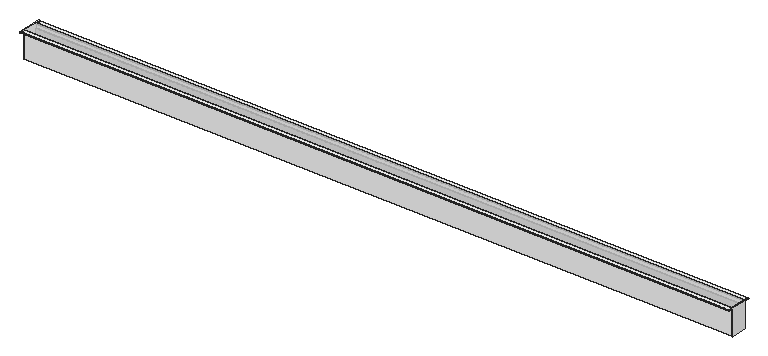
Revit family "2093130 Sylvania Lighting Fixture MC2 TRIM 2-4M 4K DALIEM WHT OPAL", category Lighting Fixtures, host Face, Revit 2016
Family settings
  Host = Face
  Part Type = Normal
  Round Connector Dimension = Use Diameter
  OmniClass Number = 23.80.70.11.17
  OmniClass Title = Specialized Lighting by Location or Use
  Cut with Voids When Loaded = No
  Light Source = Yes
  Shared = No
  Room Calculation Point = No
Parameters (values of type "2093130 MC2 TRIM 2.4M 4K DALIEM WHT OPAL Emergency mode")
  Width_SYL = 54.0 mm
  Weight = "5.9 kg"
  Wattage = 45 W
  WarrantyStartDate [instance] = "n/a"
  WarrantyGuarantorParts = "n/a"
  WarrantyDurationUnit = "n/a"
  WarrantyDurationParts = "n/a"
  WarrantyDescription = "n/a"
  built-in parameter 1150110 = 1 (stored number, unit not read)
  Voltage = 0 V
  URL = "http://www.sylvania-lighting.com"
  TypeName = "MC2 TRIM 2.4M 4K DALIEM WHT OPAL Emergency mode"
  built-in parameter 1114217 = 1 (stored number, unit not read)
  Tilt Angle = -90.00°
  built-in parameter 1150109 = 1 (stored number, unit not read)
  built-in parameter 1150134 = 12
  built-in parameter 1150113 = 1 (stored number, unit not read)
  SerialNumber [instance] = "n/a"
  PowerFactor = 0.98
  PowerConsumption = "45 W"
  NominalWidth = 0.0 mm
  NominalLength = 2400.0 mm
  NominalHeight = 86.0 mm
  Name = "MC2 TRIM 2.4M 4K DALIEM WHT OPAL Emergency mode"
  ModelReference = "MC2 TRIM 2.4M 4K DALIEM WHT OPAL"
  ModelNumber = "2093130"
  Material_3_SYL = Metal_Sylvania_Mini Contiuum II_Silver
  Photometric Web File = "2093130EM.ies"
  Material = "aluminium housing, polycarbonate diffuser"
  ManufacturerName = "Feilo Sylvania"
  LuminousEfficacy = "2.688 lm/W"
  LuminaireType = ""
  LightOutputRatio = "100"
  Length_SYL = 2400.0 mm
  LampsType = Lamp  # "LED"
  LampNominalLuminous = "121 lm"
  LampMacAdamStep = "3"
  LampColourTemperature = "4000 K"
  LampColourRenderingIndex = "80"
  Keynote = "16500"
  InstallationDate [instance] = "n/a"
  InputVoltage = "n/a"
  InputNominalFrequency = "n/a"
  IngressProtection = "IP20"
  ImpactProtectionIndex = "n/a"
  IfcExportType = "IfcLightFixtureType"
  IfcExportAs = "IfcLightFixtureType"
  Height_SYL = 86.0 mm
  ExpectedLife = 50000
  EndCapRight_SYL [instance] = yes
  EndCapLeft_SYL [instance] = yes
  Emit from Rectangle Width = Width_SYL - 2.0 mm  # 52.0 mm
  Emit from Rectangle Length = Length_SYL  # 2400.0 mm
  Emit Shape Visible in Rendering = no
  ElectricShockClassification = "Class I"
  DurationUnit = "hours"
  DocumentationLiterature = "http://www.sylvania-lighting.com/product/en-int/products/2093130"
  DimmingControlOptions = "n/a"
  CreatedOn = "10/15/2018"
  CreatedBy = "@sylvania-lighting.com"
  built-in parameter 1114216 [instance] = 1 (stored number, unit not read)
  Model = "MC2 TRIM 2.4M 4K DALIEM WHT OPAL"
  Manufacturer = "Feilo Sylvania"  # constant formula
  built-in parameter 1150105 = 9.6289 (stored number, unit not read)
  Lumens = 121 lm
  built-in parameter 1150115 = 1 (stored number, unit not read)
  built-in parameter 1150137 = (empty or 0)
  built-in parameter 1150139 = (empty or 0)
  built-in parameter 1150112 = 1 (stored number, unit not read)
  built-in parameter 1150114 = 1 (stored number, unit not read)
  Lamp = "LED"
  built-in parameter 1150132 = 2
  built-in parameter 1150102 = (empty or 0)
  built-in parameter 1150107 = 4000 (stored number, unit not read)
  built-in parameter 1150138 = (empty or 0)
  built-in parameter 1150106 = 0.096289 (stored number, unit not read)
  Material_1_SYL = Metal_Sylvania_Mini Continuum II_White
  built-in parameter 1150104 = 0.24981 (stored number, unit not read)
  Dimming Lamp Color Temperature Shift = <None>
  Material_2_SYL = Polycarbonate_Sylvania_Mini Continuum II_Opal_4000K
  Description = "Mini Continuum II introduces a uniquely clean, simple LED lighting system offering continuous, highly uniform lines of light across walls and ceilings. This highly versatile lighting tool can be recessed, semi-recessed, surface-mounted or suspended, either vertically or horizontally. Available as direct/indirect or direct only distribution - both of which can be interconnected. Every batten has a plug and socket arrangement for easy and rapid electrical installation. Mini Continuum II Direct is available in two versions: one with an outside trim detail for plasterboard ceilings; and a trimless version for when a seamless effect is required. Dimmable DALI versions and 3hr non-maintained integral emergency options are available as standard options"  # constant formula
  Default Elevation = 0.0 mm
  Color Filter = 16777215
  built-in parameter 1140040 [instance] = 1
  BarCode [instance] = "n/a"
  built-in parameter 1114218 = 1 (stored number, unit not read)
  built-in parameter 1150133 = 10 (stored number, unit not read)
  AssetType = "Fixed"
  AssetIdentifier [instance] = "n/a"
  Assembly Code = "D5020200"
  Apparent Load = 45 VA
Types (2, lengths in mm): name | TypeName | Name | Photometric Web File | LuminousEfficacy | LampNominalLuminous | built-in parameter 1150105 | Lumens | built-in parameter 1150106 | built-in parameter 1150104
  2093130 MC2 TRIM 2.4M 4K DALIEM WHT OPAL Emergency mode | "MC2 TRIM 2.4M 4K DALIEM WHT OPAL Emergency mode" | "MC2 TRIM 2.4M 4K DALIEM WHT OPAL Emergency mode" | "2093130EM.ies" | "2.688 lm/W" | "121 lm" | 9.6289 (stored number, unit not read) | 121 lm | 0.096289 (stored number, unit not read) | 0.24981 (stored number, unit not read)
  2093130 MC2 TRIM 2.4M 4K DALIEM WHT OPAL | "MC2 TRIM 2.4M 4K DALIEM WHT OPAL" | "MC2 TRIM 2.4M 4K DALIEM WHT OPAL" | "2093130.ies" | "104 lm/W" | "4680 lm" | 372.42 (stored number, unit not read) | 4680 lm | 3.7242 (stored number, unit not read) | 9.6619 (stored number, unit not read)
Reference planes
  plane 1 "Center (Front/Back)": y = 0
  plane 2 "Bottom Fixtures": z = 0
  plane 3 "Center (Left/Right)": x = 0
  plane 4 "Fixture Left": x = -1200
  plane 5 "Fixture Right": x = 1200
  plane 6 "Fixture Bottom": z = 2
  plane 7: z = 0
  plane 8: z = -2
  plane 9: z = -11.049
  plane 10: z = -41.049
  plane 11 "Fixture Top": z = -84
  plane 12: y = 27
  plane 13: y = -27
  plane 14: y = -26
  plane 15: y = -25
  plane 16: y = 26
  plane 17: y = 25
  plane 18: y = 11
  plane 19: y = -11
  plane 20: y = 24
  plane 21: y = 22
  plane 22: y = -22
  plane 23: y = 15
  plane 24: y = -15
  plane 25: y = 40
  plane 26: y = -40
  plane 27: x = -1202
  plane 28: x = 1202
Forms (mm)
  Extrusion 1, solid, material "Metal_Sylvania_Mini Continuum II_White" <- "Material_1_SYL", detail levels fine
    sketch origin (0, 0, -84) x (0, 1, 0) y (0, 0, 1)
      loop
        line (27, 84) -> (40, 84) -> (40, 86) -> (26, 86) -> (26, 84) -> (25, 84) -> (25, 2) -> (13, 2) -> (13, 4) -> (-13, 4) -> (-13, 2) -> (-25, 2) -> (-25, 84) -> (-26, 84) -> (-26, 86) -> (-40, 86) -> (-40, 84) -> (-27, 84) -> (-27, 0) -> (-11, 0) -> (-11, 2) -> (11, 2) -> (11, 0) -> (27, 0) -> (27, 84)
    from -1200 to 1200
  Extrusion 2, solid, material "Polycarbonate_Sylvania_Mini Continuum II_Opal_4000K" <- "Material_2_SYL", detail levels fine
    sketch origin (0, 0, -84) x (0, 1, 0) y (0, 0, 1)
      loop
        line (-26, 86) -> (-26, 84) -> (26, 84) -> (26, 86) -> (-26, 86)
    from -1200 to 1200
  Extrusion 3, solid, material "Metal_Sylvania_Mini Contiuum II_Silver" <- "Material_3_SYL", detail levels fine
    sketch origin (0, 0, -84) x (0, 1, 0) y (0, 0, 1)
      loop
        line (22, 72.951) -> (20.973, 72.951) -> (14.206, 43.951) -> (-14.206, 43.951) -> (-20.973, 72.951) -> (-22, 72.951) -> (-15, 42.951) -> (15, 42.951) -> (22, 72.951)
    from -1200 to 1200
  Extrusion 4, solid, material "Metal_Sylvania_Mini Continuum II_White" <- "Material_1_SYL", detail levels coarse+medium
    sketch origin (0, 0, -84) x (0, 1, 0) y (0, 0, 1)
      loop
        line (-27, 86) -> (-27, 0) -> (27, 0) -> (27, 86) -> (-27, 86)
    from -1200 to 1200
  Extrusion 5, solid, material "Metal_Sylvania_Mini Continuum II_White" <- "Material_1_SYL", detail levels coarse+medium
    sketch origin (0, 0, -84) x (0, 1, 0) y (0, 0, 1)
      loop
        line (40, 86) -> (27, 86) -> (27, 84) -> (40, 84) -> (40, 86)
      loop
        line (-27, 86) -> (-40, 86) -> (-40, 84) -> (-27, 84) -> (-27, 86)
    from -1200 to 1200
  Extrusion 6, void
    sketch origin (0, 0, 0) x (0, 1, 0) y (0, 0, 1)
      loop
        line (27, 0) -> (-27, 0) -> (-27, -84) -> (27, -84) -> (27, 0)
    from -1200 to 1200
  Extrusion 7, solid, material "Metal_Sylvania_Mini Continuum II_White" <- "Material_1_SYL", visible <- "EndCapLeft_SYL"
    sketch origin (-1200, 171.684, 1219.2) x (0, 1, 0) y (0, 0, 1)
      loop
        line (-198.684, -1219.2) -> (-198.684, -1303.2) -> (-144.684, -1303.2) -> (-144.684, -1219.2) -> (-131.684, -1219.2) -> (-131.684, -1217.2) -> (-211.684, -1217.2) -> (-211.684, -1219.2) -> (-198.684, -1219.2)
    from 0 to -2
  Extrusion 8, solid, material "Metal_Sylvania_Mini Continuum II_White" <- "Material_1_SYL", visible <- "EndCapRight_SYL"
    sketch origin (1200, 171.684, 1219.2) x (0, 1, 0) y (0, 0, -1)
      loop
        line (-131.684, 1217.2) -> (-131.684, 1219.2) -> (-144.684, 1219.2) -> (-144.684, 1303.2) -> (-198.684, 1303.2) -> (-198.684, 1219.2) -> (-211.684, 1219.2) -> (-211.684, 1217.2) -> (-131.684, 1217.2)
    from 0 to -2
Lines and regions (mm)
  Masking region 1
    outline origin (0, 0, -86) x (-1, 0, 0) y (0, -1, 0)
      loop
        line (1200, -40) -> (1200, 40) -> (-1200, 40) -> (-1200, -40) -> (1200, -40)
  symbolic lines, detail levels fine
    curve 1: line (-1200, 27, -86) -> (1200, 27, -86)
    curve 2: line (-1200, -27, -86) -> (1200, -27, -86)
Dimensions and locks
  host sketch curve to plane 3 "Center (Left/Right)" to host sketch curve = 1260.0 mm, 1259.41 mm
  equal spacing: plane 4 "Fixture Left", plane 3 "Center (Left/Right)", plane 5 "Fixture Right"
  "Length_SYL": plane 4 "Fixture Left" to plane 5 "Fixture Right"
  plane 6 "Fixture Bottom" to plane 7 to plane 8 to plane 9 to plane 10 = 2.0 mm locked, 2.0 mm locked, 9.049 mm locked, 30.0 mm locked
  locked: Extrusion 1 sketch curve to Extrusion 1 sketch curve at 2
  "Height_SYL": plane 6 "Fixture Bottom" to plane 11 "Fixture Top"
  equal spacing: plane 12, plane 1 "Center (Front/Back)", plane 13
  plane 19 to plane 24 to plane 22 to plane 15 to plane 14 to plane 13 to plane 26 = 4.0 mm locked, 7.0 mm locked, 3.0 mm locked, 1.0 mm locked, 1.0 mm locked, 13.0 mm locked
  plane 25 to plane 12 to plane 16 to plane 17 to plane 20 to plane 21 to plane 23 to plane 18 = 13.0 mm locked, 1.0 mm locked, 1.0 mm locked, 1.0 mm locked, 2.0 mm locked, 7.0 mm locked, 4.0 mm locked
  "Width_SYL": plane 12 to plane 13
  equal spacing: plane 27, plane 3 "Center (Left/Right)", plane 28
  locked: plane 27 to plane 4 "Fixture Left" at 2
  aligned and locked: plane 2 "Bottom Fixtures" to host face
  aligned and locked: level to host face
  aligned and locked: Extrusion 1 sketch curve to plane 7  (x2)
  aligned and locked: plane 6 "Fixture Bottom" to Extrusion 1 sketch curve  (x2)
  aligned and locked: plane 7 to Extrusion 1 sketch curve
  aligned and locked: Extrusion 1 to Extrusion 2 sketch curve
  aligned and locked: Extrusion 2 sketch curve to Extrusion 1  (x3)
  aligned and locked: Extrusion 3 sketch curve to plane 10
  aligned and locked: plane 9 to Extrusion 3 sketch curve
  aligned and locked: Extrusion 3 sketch curve to plane 9
  aligned and locked: Extrusion 4 sketch curve to plane 6 "Fixture Bottom"
  aligned and locked: Extrusion 5 sketch curve to Extrusion 1  (x6)
  aligned and locked: Extrusion 4 to Extrusion 5 sketch curve
  aligned and locked: Extrusion 5 sketch curve to Extrusion 4
  aligned and locked: Extrusion 1 to Extrusion 6 sketch curve
  aligned and locked: Extrusion 6 sketch curve to Extrusion 1
  aligned and locked: Extrusion 6 sketch curve to plane 11 "Fixture Top"
  aligned and locked: Extrusion 6 sketch curve to plane 13
  aligned and locked: Extrusion 6 to plane 5 "Fixture Right"
  aligned and locked: plane 6 "Fixture Bottom" to imposter light
  aligned and locked: Masking region 1 sketch curve to Extrusion 1  (x4)
  aligned and locked: plane 5 "Fixture Right" to curve 1
  aligned and locked: plane 4 "Fixture Left" to curve 1
  aligned and locked: plane 12 to curve 1
  aligned and locked: plane 4 "Fixture Left" to curve 2
  aligned and locked: plane 5 "Fixture Right" to curve 2
  aligned and locked: curve 2 to plane 13
  aligned and locked: Extrusion 4 to plane 5 "Fixture Right"
  aligned and locked: Extrusion 1 to plane 5 "Fixture Right"
  aligned and locked: Extrusion 3 to plane 5 "Fixture Right"
  aligned and locked: Extrusion 4 to plane 4 "Fixture Left"
  aligned and locked: Extrusion 1 to plane 4 "Fixture Left"
  aligned and locked: Extrusion 3 to plane 4 "Fixture Left"
  aligned and locked: Extrusion 2 to plane 5 "Fixture Right"
  aligned and locked: Extrusion 5 to plane 5 "Fixture Right"
  aligned and locked: Extrusion 5 to plane 4 "Fixture Left"
  aligned and locked: Extrusion 2 to plane 4 "Fixture Left"
  aligned and locked: Extrusion 6 to plane 4 "Fixture Left"
  aligned and locked: Extrusion 4 to Extrusion 7 sketch curve
  aligned and locked: Extrusion 7 sketch curve to Extrusion 4  (x2)
  aligned and locked: Extrusion 7 sketch curve to Extrusion 5  (x4)
  aligned and locked: plane 6 "Fixture Bottom" to Extrusion 7 sketch curve
  aligned and locked: Extrusion 7 to plane 27
  aligned and locked: plane 4 "Fixture Left" to Extrusion 7
  aligned and locked: Extrusion 8 sketch curve to Extrusion 7  (x8)
  aligned and locked: plane 28 to Extrusion 8
  aligned and locked: plane 5 "Fixture Right" to Extrusion 8
Automatic sketch dimensions
  host sketch curve to host sketch curve = 1047.463 mm
  Extrusion 1 sketch curve to plane 26 = 0.0 mm
  Extrusion 1 sketch curve to plane 13 = 0.0 mm
  Extrusion 1 sketch curve to plane 14 = 0.0 mm
  Extrusion 1 sketch curve to plane 15 = 0.0 mm
  Extrusion 1 sketch curve to plane 19 = 0.0 mm
  Extrusion 1 sketch curve to plane 18 = 0.0 mm
  Extrusion 1 sketch curve to plane 17 = 0.0 mm
  Extrusion 1 sketch curve to plane 16 = 0.0 mm
  Extrusion 1 sketch curve to level = 0.0 mm
  Extrusion 1 sketch curve to plane 12 = 0.0 mm
  Extrusion 1 sketch curve to plane 25 = 0.0 mm
  Extrusion 1 sketch curve to plane 11 "Fixture Top" = 0.0 mm  (x2)
  Extrusion 1 sketch curve to plane 19 = 2.0 mm
  Extrusion 1 sketch curve to plane 18 = 2.0 mm
  plane 11 "Fixture Top" to Extrusion 1 sketch curve = 2.0 mm  (x3)
  Extrusion 3 sketch curve to plane 22 = 0.0 mm
  Extrusion 3 sketch curve to plane 24 = 0.0 mm
  Extrusion 3 sketch curve to plane 23 = 0.0 mm
  Extrusion 3 sketch curve to plane 21 = 0.0 mm
  plane 10 to Extrusion 3 sketch curve = 1.0 mm
  Extrusion 3 sketch curve to Extrusion 3 sketch curve = 1.027 mm  (x2)
  plane 24 to Extrusion 3 sketch curve = 0.794 mm
  plane 23 to Extrusion 3 sketch curve = 0.794 mm
  Extrusion 4 sketch curve to plane 11 "Fixture Top" = 0.0 mm
  Extrusion 4 sketch curve to plane 13 = 0.0 mm
  Extrusion 4 sketch curve to plane 12 = 0.0 mm
Connectors
  electrical at (-1200, 0, 0), driven by "Apparent Load"
    settings: index 1, voltage 230 V, apparent load 0 VA, apparent load phase1 45 VA, apparent load phase2 0 VA, apparent load phase3 0 VA, power factor 1, load classification "Lighting", number of poles 1, system type 31, power factor state 1, is connector primary yes, connector utility no, sub classification motor no, connector description ""
